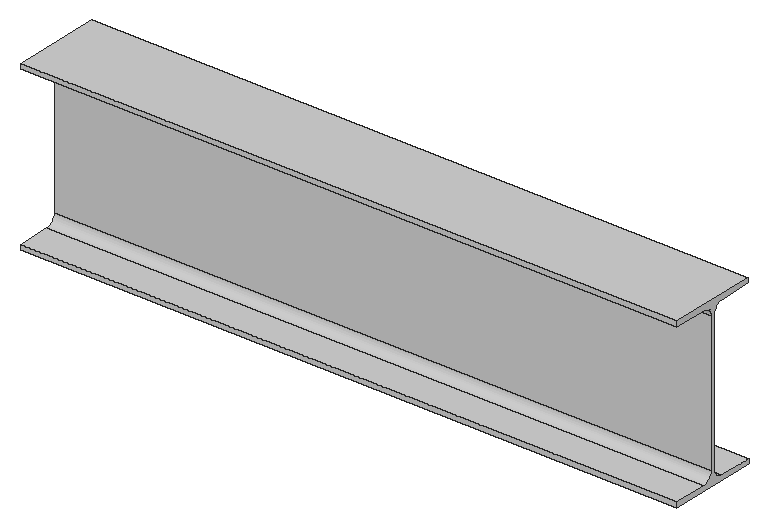
Revit family "ade6e43f0ba44eba8bc0133ed601b1d7", category Structural Framing, Revit 2021
Family settings
  Structural Framing Length Roundoff = 0' - 0"
  Section Shape = Not Defined
  Material for Model Behavior = Steel
  Always export as geometry = No
  OmniClass Number = 23.25.30.11.14.14
  OmniClass Title = Beams
  Seek Item ID = W-Wide Flange-0000-USA-ENU
  Always vertical = Yes
  Cut with Voids When Loaded = No
  Symbolic Representation = From Project Settings
  Shared = No
  Show family pre-cut in plan views = Yes
Parameters (values of type "W12X26")
  W = 26
  Structural Material [instance] = Steel ASTM A992
  Assembly Code = "B10"
  Length [instance] = 5' - 0"
  bf = 0' - 6 125/256"
  d = 1' - 0 7/32"
  k = 0' - 1 1/16"
  k2 = k - tf  # 0' - 0 175/256"
  tf = 0' - 0 97/256"
  tw = 0' - 0 59/256"
  A = 7.65 in²
Reference planes (in)
  plane 1 "Center (Front/Back)": y = 0
  plane 2: z = 0
  plane 3 "Center (Left/Right)": x = 0.1815
  plane 4 "Member Left": x = -23.8185
  plane 5 "Member Right": x = 24.1815
  plane 6: y = 3.24414
  plane 7: y = -3.24414
  plane 8 "Top": z = 6.10937
  plane 9: z = -6.10938
  plane 10 "Left": x = -29.8185
  plane 11 "Right": x = 30.1815
Forms (in)
  Sweep 1, solid, material "Steel ASTM A992" <- "Structural Material", detail levels medium
    path origin (0, 0, 0) x (1, 0, 0) y (0, 1, 0)
      loop
        line (24.1815, 0) -> (-23.8185, 0)
    profile "W-Wide Flange-Profile-Medium : W-Wide Flange-Profile-Medium" origin (0.1815, 0, 0) x (0, -1, 0) y (0, 0, 1)
      loop
        line (-3.24414, -6.10938) -> (3.24414, -6.10938) -> (3.24414, -5.73047) -> (0.11523, -5.73047) -> (0.11523, 5.73047) -> (3.24414, 5.73047) -> (3.24414, 6.10937) -> (-3.24414, 6.10937) -> (-3.24414, 5.73047) -> (-0.11523, 5.73047) -> (-0.11523, -5.73047) -> (-3.24414, -5.73047) -> (-3.24414, -6.10938)
  Sweep 2, solid, material "Steel ASTM A992" <- "Structural Material", detail levels fine
    path origin (0, 0, 0) x (1, 0, 0) y (0, 1, 0)
      loop
        line (24.1815, 0) -> (-23.8185, 0)
    profile "W-Wide Flange-Profile-Fine : W-Wide Flange-Profile-Fine" origin (0.1815, 0, 0) x (0, -1, 0) y (0, 0, 1)
      loop
        line (-3.24414, -6.10938) -> (3.24414, -6.10938) -> (3.24414, -5.73047) -> (0.79883, -5.73047)
        arc (0.79883, -5.73047) -> (0.31545, -5.53025) -> (0.11523, -5.04688) r 0.68359
        line (0.11523, -5.04688) -> (0.11523, 5.04687)
        arc (0.11523, 5.04687) -> (0.31545, 5.53025) -> (0.79883, 5.73047) r 0.68359
        line (0.79883, 5.73047) -> (3.24414, 5.73047) -> (3.24414, 6.10937) -> (-3.24414, 6.10937) -> (-3.24414, 5.73047) -> (-0.79883, 5.73047)
        arc (-0.79883, 5.73047) -> (-0.31545, 5.53025) -> (-0.11523, 5.04687) r 0.68359
        line (-0.11523, 5.04687) -> (-0.11523, -5.04688)
        arc (-0.11523, -5.04688) -> (-0.31545, -5.53025) -> (-0.79883, -5.73047) r 0.68359
        line (-0.79883, -5.73047) -> (-3.24414, -5.73047) -> (-3.24414, -6.10938)
Lines and regions (in)
  symbolic lines, style "Stick Symbols", detail levels coarse
    curve 1: line (0.1815, 0, -6.10938) -> (0.1815, 0, 6.10937)
    curve 2: line (0.1815, 3.24414, 6.10937) -> (0.1815, -3.24414, 6.10937)
    curve 3: line (0.1815, -3.24414, -6.10938) -> (0.1815, 3.24414, -6.10938)
  symbolic lines, style "Hidden Faces", detail levels medium+fine
    curve 4: line (-23.8185, -0.11523, 0) -> (24.1815, -0.11523, 0)
    curve 5: line (-23.8185, 0.11523, 0) -> (24.1815, 0.11523, 0)
Dimensions and locks (in)
  "bf": plane 6 to plane 7
  "d": plane 9 to plane 8 "Top"
  equal spacing: plane 9, plane 2, plane 8 "Top"
  equal spacing: plane 6, plane 1 "Center (Front/Back)", plane 7
  "Length": plane 10 "Left" to plane 11 "Right"
  "tw": curve 4 to curve 5
  equal spacing: curve 4, plane 1 "Center (Front/Back)", curve 5
  aligned and locked: Sweep 1 sketch curve to plane 1 "Center (Front/Back)"
  aligned and locked: Sweep 2 sketch curve to plane 1 "Center (Front/Back)"
  aligned and locked: Sweep 2 to curve 2  (x2)
  aligned and locked: curve 2 to Sweep 2
  aligned and locked: Sweep 2 to curve 3  (x2)
  aligned and locked: curve 3 to Sweep 2
  aligned and locked: plane 4 "Member Left" to Sweep 2 sketch curve
  aligned and locked: plane 5 "Member Right" to Sweep 2 sketch curve
  aligned and locked: plane 4 "Member Left" to Sweep 1 sketch curve
  aligned and locked: plane 5 "Member Right" to Sweep 1 sketch curve
  aligned and locked: plane 4 "Member Left" to curve 5
  aligned and locked: plane 4 "Member Left" to curve 4
  aligned and locked: plane 5 "Member Right" to curve 5
  aligned and locked: plane 5 "Member Right" to curve 4
Automatic sketch dimensions
  curve 1 to plane 1 "Center (Front/Back)" = 0' - 0"
